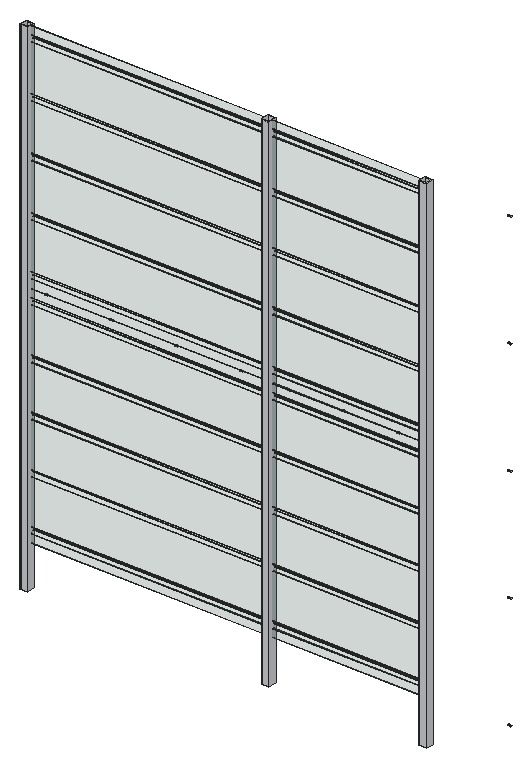
Revit family "Ограждение_Составное_Панель_3D_2400", category Специальное оборудование, Revit 2019 (continued)
Definition of nested family "В_Столб"
  Definition of nested family "В_Крепеж"
    Reference planes
      plane 3 "По центру (Влево/Вправо)": x = 0
      plane 4: z = 0
    Forms (mm)
      Extrusion 1, solid
        sketch origin (0, -3, 0) x (1, 0, 0) y (0, 1, 0)
          loop
            line (-20, 5.5) -> (-20, 0.5) -> (20, 0.5) -> (20, 5.5) -> (-20, 5.5)
        from -4.311 to 4.311
    Dimensions and locks
      locked: Extrusion 1 sketch curve to Extrusion 1 sketch curve at 5
      locked: Extrusion 1 sketch curve to Extrusion 1 sketch curve at 40
      aligned and locked: level to plane 2
    Nested families
      nested 1: "В_Метизы" at (20, 0, 0), Тип крепежа <- "Тип крепежа", ADSK_Комплект <- "ADSK_Комплект", visible <- "Видимость метизов", type "Метизы"
        with Тип крепежа 5, Путь к таблице "Таблица метизов", ADSK_Наименование "Комплект крепления СББ/ПББ к насадке (Болт М6х25 DIN 933 оц - 4 шт., Зажим для крепления струны/проволоки - 4 шт., Шайба D6 DIN 125 оц. - 8 шт.,  Гайка М6 кл.8.0 DIN 934 оц. - 4 шт.)", ADSK_Комплект "", ADSK_Количество 1, ADSK_Код изделия "8927"
      nested 2: "В_Метизы" at (-20, 0, 0), visible <- "Y насадка", Тип крепежа <- "Тип крепежа", ADSK_Комплект <- "ADSK_Комплект", type "Метизы"
        with Тип крепежа 5, Путь к таблице "Таблица метизов", ADSK_Наименование "Комплект крепления СББ/ПББ к насадке (Болт М6х25 DIN 933 оц - 4 шт., Зажим для крепления струны/проволоки - 4 шт., Шайба D6 DIN 125 оц. - 8 шт.,  Гайка М6 кл.8.0 DIN 934 оц. - 4 шт.)", ADSK_Комплект "", ADSK_Количество 1, ADSK_Код изделия "8927"
    Definition of nested family "В_Метизы"
      Parameters (values of type "Метизы")
        Тип крепежа [instance] = 1
        Путь к таблице [instance] = "Таблица метизов"  # constant formula
        Manufacturer = [ADSK_Завод-изготовитель]  # "FENSYS"
        URL = "https://www.fensys.ru/produkciya/krepyozh.html"
        ADSK_Наименование [instance] = size_lookup(Путь к таблице, "", "Не найдено", Тип крепежа)  # "Комплект метизов «В» для крепления скобы F24 (Винт М6х30 ISO 7380 А2 - 4 шт., Шайба D6 DIN 125 А2 - 4 шт.,Шайба 6 DIN 127 А2 - 4 шт.)"
        ADSK_Комплект [instance] = "Ограждение"
        ADSK_Количество [instance] = 1  # constant formula
        ADSK_Код изделия [instance] = size_lookup(Путь к таблице, "ADSK_Код изделия", "Не найдено", Тип крепежа)  # "8932"
        ADSK_Завод-изготовитель = "FENSYS"  # constant formula
        ADSK_Единица измерения = "шт."  # constant formula
      Reference planes
        plane 1 "По центру (Вперед/Назад)": y = 0
        plane 2: z = 0
        plane 3 "По центру (Влево/Вправо)": x = 0
        plane 4: z = 0
      Lines and regions (mm)
        reference lines
          curve 1: circle (0, 0, 0) r 0.299 normal (0, -1, 0)
        model lines
          curve 2: circle (0, 0, 0) r 0.3 normal (0, -1, 0)
      Dimensions and locks
        aligned and locked: level to plane 2
  Definition of nested family "В_Метизы"
    Parameters (values of type "Метизы")
      Тип крепежа [instance] = 1
      Путь к таблице [instance] = "Таблица метизов"  # constant formula
      Manufacturer = [ADSK_Завод-изготовитель]  # "FENSYS"
      URL = "https://www.fensys.ru/produkciya/krepyozh.html"
      ADSK_Наименование [instance] = size_lookup(Путь к таблице, "", "Не найдено", Тип крепежа)  # "Комплект метизов «В» для крепления скобы F24 (Винт М6х30 ISO 7380 А2 - 4 шт., Шайба D6 DIN 125 А2 - 4 шт.,Шайба 6 DIN 127 А2 - 4 шт.)"
      ADSK_Комплект [instance] = "Ограждение"
      ADSK_Количество [instance] = 1  # constant formula
      ADSK_Код изделия [instance] = size_lookup(Путь к таблице, "ADSK_Код изделия", "Не найдено", Тип крепежа)  # "8932"
      ADSK_Завод-изготовитель = "FENSYS"  # constant formula
      ADSK_Единица измерения = "шт."  # constant formula
    Reference planes
      plane 1 "По центру (Вперед/Назад)": y = 0
      plane 2: z = 0
      plane 3 "По центру (Влево/Вправо)": x = 0
      plane 4: z = 0
    Lines and regions (mm)
      reference lines
        curve 1: circle (0, 0, 0) r 0.299 normal (0, -1, 0)
      model lines
        curve 2: circle (0, 0, 0) r 0.3 normal (0, -1, 0)
    Dimensions and locks
      aligned and locked: level to plane 2
  Definition of nested family "Типовая аннотация"
    Parameters (values of type "Типовая аннотация")
      Ширина [instance] = 10 mm
      Высота [instance] = 10 mm
    Reference planes
      plane 1: y = 0
      plane 2: x = 0
    Lines and regions (mm)
      detail lines
        curve 1: line (-5, 5, 0) -> (5, 5, 0)
        curve 2: line (-5, -5, 0) -> (-5, 5, 0)
        curve 3: line (5, -5, 0) -> (-5, -5, 0)
        curve 4: line (5, 5, 0) -> (5, -5, 0)
      reference lines
        curve 5: line (-5, 0, 0) -> (5, 0, 0)
        curve 6: line (0, -5, 0) -> (0, 5, 0)
        curve 7: line (5, -5, 0) -> (5, 5, 0)
        curve 8: line (-5, -5, 0) -> (-5, 5, 0)
        curve 9: line (5, 5, 0) -> (-5, 5, 0)
        curve 10: line (5, -5, 0) -> (-5, -5, 0)
    Dimensions and locks
      "Высота": curve 9 to curve 10
      "Ширина": curve 8 to curve 7
      equal spacing: curve 10, plane 1, curve 9
      equal spacing: curve 8, curve 6, curve 7
      aligned and locked: plane 1 to curve 5
      aligned and locked: plane 2 to curve 6
      aligned and locked: curve 8 to curve 2
      aligned and locked: curve 1 to curve 9
      aligned and locked: curve 4 to curve 7
      aligned and locked: curve 3 to curve 10
Definition of nested family "В_Панель"
  Parameters (values of type "Панель")
    Толщина панели = 8 mm
    Тип крепежа [instance] = 0
    Таблица масса [instance] = "Панель масса"  # constant formula
    Расчетная длина [instance] = ADSK_Размер_Ширина + Отступ панели * 2  # 2600 mm
    Размер ячейки [instance] = 1
    Размер прутка [instance] = 2
    Таблица поиска = "Панель имя"  # constant formula
    Отступ панели от основания [instance] = 100 mm
    Отступ панели [instance] = 50 mm
    Manufacturer = [ADSK_Завод-изготовитель]  # "FENSYS"
    Высота дубляж [instance] = if(not(ADSK_Размер_Высота > 1530 mm), Высота V2, Высота V4)  # 1430 mm
    Высота V5 [instance] = if(V5, ADSK_Размер_Высота, 3030 mm)  # 3030 mm
    Высота V4 [instance] = if(V4, ADSK_Размер_Высота, 2830 mm)  # 2830 mm
    Высота V3 [instance] = if(V3, ADSK_Размер_Высота, 1930 mm)  # 1930 mm
    Высота V2 [instance] = if(V2, ADSK_Размер_Высота, 1430 mm)  # 1430 mm
    V5 [instance] = and(ADSK_Размер_Высота > 2830 mm, not(ADSK_Размер_Высота > 3030 mm))  # no
    V4 [instance] = and(ADSK_Размер_Высота > 1930 mm, not(ADSK_Размер_Высота > 2830 mm))  # no
    V3 [instance] = and(ADSK_Размер_Высота > 1430 mm, not(ADSK_Размер_Высота > 1930 mm))  # no
    V2 [instance] = not(ADSK_Размер_Высота > 1430 mm)  # yes
    URL = "https://www.fensys.ru/produkciya/3d-zabory.html"
    ADSK_Размер_Ширина [instance] = 2500 mm
    ADSK_Размер_Высота [instance] = 1430 mm
    ADSK_Примечание [instance] = ""
    ADSK_Обозначение [instance] = if(Размер ячейки = 1, "GUARD-G", if(Размер ячейки = 2, "GUARD-T", "GUARD"))  # "GUARD-G"
    ADSK_Наименование [instance] = size_lookup(Таблица поиска, "", "Панель под подрезку", ADSK_Размер_Ширина, ADSK_Размер_Высота, Размер ячейки, Размер прутка)  # "Панель 3D серии GUARD-T: HxW (высота х ширина) 1430x2505 (+-2) мм, пруток D=5 мм, ячейка = 50х150 мм, V-образных изгибов 2"
    ADSK_Материал = none
    ADSK_Масса [instance] = size_lookup(Таблица масса, "ADSK_Масса", 0, ADSK_Размер_Ширина, ADSK_Размер_Высота, Размер ячейки, Размер прутка)  # 15.6
    ADSK_Комплект [instance] = "Ограждение"
    ADSK_Код изделия [instance] = size_lookup(Таблица поиска, "ADSK_Код изделия", " ", ADSK_Размер_Ширина, ADSK_Размер_Высота, Размер ячейки, Размер прутка)  # "16850"
    ADSK_Завод-изготовитель = "FENSYS"  # constant formula
    ADSK_Единица измерения = "шт."  # constant formula
  Reference planes
    plane 1 "По центру (Вперед/Назад)": y = 0
    plane 2 "Низ панели": z = 0
    plane 3 "По центру (Влево/Вправо)": x = 0
    plane 4: x = 2550
    plane 5: x = 50
    plane 6 "Верх панели": z = 2930
    plane 7: x = 2600
    plane 8: z = 100
    plane 9: y = -4
    plane 10: y = 4
    plane 11: z = 1515.128
    plane 12: z = 250
    plane 13: z = 1430
    plane 14: z = 210
    plane 15: z = 290
    plane 16: z = 1470
    plane 17: z = 1390
    plane 18: y = 30
    plane 19: z = 1530
    plane 20: z = 250
    plane 21: z = 2780
    plane 22: z = 210
    plane 23: z = 290
    plane 24: z = 2820
    plane 25: z = 2740
    plane 26: y = 30
    plane 27: z = 1936.667
    plane 28: z = 1093.333
    plane 29: z = 1976.667
    plane 30: z = 1896.667
    plane 31: z = 1053.333
    plane 32: z = 1133.333
    plane 33: z = 250
    plane 34: z = 1880
    plane 35: z = 210
    plane 36: z = 290
    plane 37: z = 1920
    plane 38: z = 1840
    plane 39: y = 30
    plane 40: z = 1065
    plane 41: z = 1025
    plane 42: z = 1105
    plane 43 "По центру Л/Р": z = 2030
    plane 44: z = 250
    plane 45: z = 2980
    plane 46: z = 210
    plane 47: z = 290
    plane 48: z = 3020
    plane 49: z = 2940
    plane 50: y = 30
    plane 51: z = 2297.5
    plane 52: z = 932.5
    plane 53: z = 2337.5
    plane 54: z = 2257.5
    plane 55: z = 892.5
    plane 56: z = 972.5
    plane 57 "V5": z = 3130
    plane 58: z = 1615
    plane 59: z = 1575
    plane 60: z = 1655
    plane 61 "Высота для крепежа": z = 1530
  Forms (mm)
    Extrusion 1, solid, material <- "ADSK_Материал", visible <- "V2", detail levels medium+fine
      sketch origin (0, 0, 0) x (0, 1, 0) y (0, 0, 1)
        loop
          line (-4, 1530) -> (-4, 1470) -> (22, 1430) -> (-4, 1390) -> (-4, 290) -> (22, 250) -> (-4, 210) -> (-4, 100) -> (4, 100) -> (4, 210) -> (30, 250) -> (4, 290) -> (4, 1390) -> (30, 1430) -> (4, 1470) -> (4, 1530) -> (-4, 1530)
      from 50 to 2550
    Extrusion 2, solid, material <- "ADSK_Материал", visible <- "V4", detail levels medium+fine
      sketch origin (0, 0, 119.872) x (0, 1, 0) y (0, 0, 1)
        loop
          line (-4, 2810.128) -> (-4, 2700.128) -> (22, 2660.128) -> (-4, 2620.128) -> (-4, 1856.795) -> (22, 1816.795) -> (-4, 1776.795) -> (-4, 1013.462) -> (22, 973.462) -> (-4, 933.462) -> (-4, 170.128) -> (22, 130.128) -> (-4, 90.128) -> (-4, -19.872) -> (4, -19.872) -> (4, 90.128) -> (30, 130.128) -> (4, 170.128) -> (4, 933.462) -> (30, 973.462) -> (4, 1013.462) -> (4, 1776.795) -> (30, 1816.795) -> (4, 1856.795) -> (4, 2620.128) -> (30, 2660.128) -> (4, 2700.128) -> (4, 2810.128) -> (-4, 2810.128)
      from 50 to 2550
    Extrusion 3, solid, material <- "ADSK_Материал", visible <- "V3", detail levels medium+fine
      sketch origin (0, 0, 119.872) x (0, 1, 0) y (0, 0, 1)
        loop
          line (-4, 1910.128) -> (-4, 1800.128) -> (22, 1760.128) -> (-4, 1720.128) -> (-4, 985.128) -> (22, 945.128) -> (-4, 905.128) -> (-4, 170.128) -> (22, 130.128) -> (-4, 90.128) -> (-4, -19.872) -> (4, -19.872) -> (4, 90.128) -> (30, 130.128) -> (4, 170.128) -> (4, 905.128) -> (30, 945.128) -> (4, 985.128) -> (4, 1720.128) -> (30, 1760.128) -> (4, 1800.128) -> (4, 1910.128) -> (-4, 1910.128)
      from 50 to 2550
    Extrusion 4, solid, material <- "ADSK_Материал", visible <- "V5", detail levels medium+fine
      sketch origin (0, 0, 119.872) x (0, 1, 0) y (0, 0, 1)
        loop
          line (-4, 3010.128) -> (-4, 2900.128) -> (22, 2860.128) -> (-4, 2820.128) -> (-4, 2217.628) -> (22, 2177.628) -> (-4, 2137.628) -> (-4, 1535.128) -> (22, 1495.128) -> (-4, 1455.128) -> (-4, 852.628) -> (22, 812.628) -> (-4, 772.628) -> (-4, 170.128) -> (22, 130.128) -> (-4, 90.128) -> (-4, -19.872) -> (4, -19.872) -> (4, 90.128) -> (30, 130.128) -> (4, 170.128) -> (4, 772.628) -> (30, 812.628) -> (4, 852.628) -> (4, 1455.128) -> (30, 1495.128) -> (4, 1535.128) -> (4, 2137.628) -> (30, 2177.628) -> (4, 2217.628) -> (4, 2820.128) -> (30, 2860.128) -> (4, 2900.128) -> (4, 3010.128) -> (-4, 3010.128)
      from 50 to 2550
    Extrusion 5, solid, material <- "ADSK_Материал", detail levels coarse
      sketch origin (0, 0, 0) x (1, 0, 0) y (0, 1, 0)
        loop
          line (50, 4) -> (50, -4) -> (2550, -4) -> (2550, 4) -> (50, 4)
      from 100 to 1530
  Dimensions and locks
    "ADSK_Размер_Ширина": plane 5 to plane 4
    "Отступ панели": plane 4 to plane 7
    "Отступ панели": plane 3 "По центру (Влево/Вправо)" to plane 5
    "Расчетная длина": plane 3 "По центру (Влево/Вправо)" to plane 7
    "Отступ панели от основания": plane 8 to level
    equal spacing: plane 9, plane 1 "По центру (Вперед/Назад)", plane 10
    "Толщина панели": plane 10 to plane 9
    "Высота V4": plane 6 "Верх панели" to plane 8
    locked: plane 12 to plane 8 at 150
    locked: plane 12 to plane 14 at 40
    equal spacing: plane 15, plane 12, plane 14
    locked: plane 13 to plane 17 at 40
    equal spacing: plane 16, plane 13, plane 17
    locked: plane 1 "По центру (Вперед/Назад)" to plane 18 at 30
    locked: plane 19 to plane 13 at 100
    "Высота V2": plane 19 to plane 8
    locked: plane 20 to plane 22 at 40
    equal spacing: plane 23, plane 20, plane 22
    locked: plane 21 to plane 25 at 40
    equal spacing: plane 24, plane 21, plane 25
    equal spacing: plane 21, plane 27, plane 28, plane 20
    locked: plane 27 to plane 30 at 40
    locked: plane 32 to plane 28 at 40
    equal spacing: plane 29, plane 27, plane 30
    equal spacing: plane 32, plane 28, plane 31
    Extrusion 2 sketch curve to Extrusion 2 sketch curve = 8 mm  (x2)
    locked: plane 6 "Верх панели" to plane 21 at 150
    locked: plane 20 to plane 8 at 150
    locked: plane 33 to plane 35 at 40
    equal spacing: plane 36, plane 33, plane 35
    locked: plane 34 to plane 38 at 40
    equal spacing: plane 37, plane 34, plane 38
    equal spacing: plane 34, plane 40, plane 33
    locked: plane 42 to plane 40 at 40
    equal spacing: plane 42, plane 40, plane 41
    Extrusion 3 sketch curve to Extrusion 3 sketch curve = 8 mm
    plane 33 to plane 8 = 150 mm
    "Высота V3": plane 43 "По центру Л/Р" to plane 8
    locked: plane 43 "По центру Л/Р" to plane 34 at 150
    locked: plane 44 to plane 46 at 40
    equal spacing: plane 47, plane 44, plane 46
    locked: plane 45 to plane 49 at 40
    equal spacing: plane 48, plane 45, plane 49
    equal spacing: plane 45, plane 51, plane 58, plane 52, plane 44
    locked: plane 51 to plane 54 at 40
    locked: plane 56 to plane 52 at 40
    equal spacing: plane 53, plane 51, plane 54
    equal spacing: plane 56, plane 52, plane 55
    Extrusion 4 sketch curve to Extrusion 4 sketch curve = 8 mm  (x3)
    locked: plane 44 to plane 8 at 150
    locked: plane 57 "V5" to plane 45 at 150
    locked: plane 60 to plane 58 at 40
    equal spacing: plane 60, plane 58, plane 59
    "Высота V5": plane 57 "V5" to plane 8
    "ADSK_Размер_Высота": plane 61 "Высота для крепежа" to plane 8
    aligned and locked: level to plane 2 "Низ панели"
    aligned and locked: plane 16 to Extrusion 1 sketch curve  (x2)
    aligned and locked: plane 13 to Extrusion 1 sketch curve  (x2)
    aligned and locked: plane 18 to Extrusion 1 sketch curve
    aligned and locked: Extrusion 1 sketch curve to plane 18
    aligned and locked: plane 12 to Extrusion 1 sketch curve  (x2)
    aligned and locked: plane 15 to Extrusion 1 sketch curve  (x2)
    aligned and locked: plane 14 to Extrusion 1 sketch curve  (x2)
    aligned and locked: Extrusion 1 sketch curve to plane 9  (x2)
    aligned and locked: Extrusion 1 sketch curve to plane 10  (x3)
    aligned and locked: Extrusion 1 sketch curve to plane 8
    aligned and locked: plane 4 to Extrusion 1
    aligned and locked: Extrusion 1 to plane 5
    aligned and locked: plane 19 to Extrusion 1 sketch curve
    aligned and locked: plane 24 to Extrusion 2 sketch curve  (x2)
    aligned and locked: plane 21 to Extrusion 2 sketch curve  (x2)
    aligned and locked: plane 26 to Extrusion 2 sketch curve  (x3)
    aligned and locked: Extrusion 2 sketch curve to plane 26
    aligned and locked: plane 20 to Extrusion 2 sketch curve  (x2)
    aligned and locked: plane 23 to Extrusion 2 sketch curve  (x2)
    aligned and locked: plane 22 to Extrusion 2 sketch curve  (x2)
    aligned and locked: plane 31 to Extrusion 2 sketch curve  (x2)
    aligned and locked: plane 29 to Extrusion 2 sketch curve  (x2)
    aligned and locked: plane 27 to Extrusion 2 sketch curve  (x2)
    aligned and locked: plane 30 to Extrusion 2 sketch curve  (x2)
    aligned and locked: plane 28 to Extrusion 2 sketch curve  (x2)
    aligned and locked: plane 32 to Extrusion 2 sketch curve  (x2)
    aligned and locked: plane 37 to Extrusion 3 sketch curve  (x2)
    aligned and locked: plane 34 to Extrusion 3 sketch curve  (x2)
    aligned and locked: plane 39 to Extrusion 3 sketch curve
    aligned and locked: Extrusion 3 sketch curve to plane 39  (x2)
    aligned and locked: plane 33 to Extrusion 3 sketch curve  (x2)
    aligned and locked: plane 36 to Extrusion 3 sketch curve  (x2)
    aligned and locked: plane 35 to Extrusion 3 sketch curve  (x2)
    aligned and locked: plane 41 to Extrusion 3 sketch curve  (x2)
    aligned and locked: plane 40 to Extrusion 3 sketch curve  (x2)
    aligned and locked: plane 43 "По центру Л/Р" to Extrusion 3
    aligned and locked: plane 48 to Extrusion 4 sketch curve  (x2)
    aligned and locked: plane 45 to Extrusion 4 sketch curve  (x2)
    aligned and locked: plane 50 to Extrusion 4 sketch curve  (x4)
    aligned and locked: Extrusion 4 sketch curve to plane 50
    aligned and locked: plane 44 to Extrusion 4 sketch curve  (x2)
    aligned and locked: plane 47 to Extrusion 4 sketch curve  (x2)
    aligned and locked: plane 46 to Extrusion 4 sketch curve  (x2)
    aligned and locked: plane 55 to Extrusion 4 sketch curve  (x2)
    aligned and locked: plane 53 to Extrusion 4 sketch curve  (x2)
    aligned and locked: plane 51 to Extrusion 4 sketch curve  (x2)
    aligned and locked: plane 54 to Extrusion 4 sketch curve  (x2)
    aligned and locked: plane 52 to Extrusion 4 sketch curve  (x2)
    aligned and locked: plane 56 to Extrusion 4 sketch curve  (x2)
    aligned and locked: plane 57 "V5" to Extrusion 4  (x2)
    aligned and locked: plane 58 to Extrusion 4 sketch curve  (x2)
    aligned and locked: plane 59 to Extrusion 4 sketch curve  (x2)
    aligned and locked: plane 60 to Extrusion 4 sketch curve  (x2)
    aligned and locked: plane 4 to Extrusion 4
    aligned and locked: plane 4 to Extrusion 3
    aligned and locked: Extrusion 4 to plane 4  (x5)
    aligned and locked: plane 4 to Extrusion 2
    aligned and locked: Extrusion 4 to plane 5
    aligned and locked: Extrusion 3 to plane 5
    aligned and locked: Extrusion 2 to plane 5
    aligned and locked: plane 5 to Extrusion 4
    aligned and locked: Extrusion 5 sketch curve to plane 9
    aligned and locked: plane 10 to Extrusion 5 sketch curve
    aligned and locked: Extrusion 5 to plane 5
    aligned and locked: plane 4 to Extrusion 5
    aligned and locked: Extrusion 5 to plane 8
    aligned and locked: Extrusion 5 to plane 61 "Высота для крепежа"
  Automatic sketch dimensions
    Extrusion 1 sketch curve to plane 9 = 0 mm
    Extrusion 1 sketch curve to plane 17 = 0 mm  (x2)
    Extrusion 1 sketch curve to plane 18 = 8 mm
    Extrusion 1 sketch curve to Extrusion 1 sketch curve = 8 mm
    Extrusion 2 sketch curve to plane 6 "Верх панели" = 0 mm
    Extrusion 2 sketch curve to plane 9 = 0 mm  (x5)
    Extrusion 2 sketch curve to plane 8 = 0 mm
    Extrusion 2 sketch curve to plane 10 = 0 mm  (x5)
    Extrusion 2 sketch curve to plane 25 = 0 mm  (x2)
    Extrusion 2 sketch curve to Extrusion 2 sketch curve = 8 mm
    Extrusion 2 sketch curve to plane 26 = 8 mm
    Extrusion 3 sketch curve to plane 9 = 0 mm  (x4)
    Extrusion 3 sketch curve to plane 8 = 0 mm
    Extrusion 3 sketch curve to plane 10 = 0 mm  (x4)
    Extrusion 3 sketch curve to plane 42 = 0 mm  (x2)
    Extrusion 3 sketch curve to plane 38 = 0 mm  (x2)
    Extrusion 3 sketch curve to plane 43 "По центру Л/Р" = 0 mm
    Extrusion 3 sketch curve to plane 39 = 8 mm
    Extrusion 3 sketch curve to Extrusion 3 sketch curve = 8 mm
    plane 6 "Верх панели" to Extrusion 4 sketch curve = 200 mm
    Extrusion 4 sketch curve to plane 8 = 0 mm
    Extrusion 4 sketch curve to plane 49 = 0 mm  (x2)
    Extrusion 4 sketch curve to Extrusion 4 sketch curve = 8 mm  (x7)
    Extrusion 4 sketch curve to plane 50 = 26 mm  (x5)
    Extrusion 4 sketch curve to plane 50 = 8 mm
    Extrusion 4 sketch curve to plane 50 = 34 mm
    plane 5 to Extrusion 5 sketch curve = 0 mm
    Extrusion 5 sketch curve to Extrusion 5 sketch curve = 2500 mm
Definition of nested family "В_Крепеж"
  Parameters (values of type "Крепеж")
    Ширина столба [instance] = 0 mm
    Тип крепежа [instance] = 5
    Путь к таблице [instance] = "Таблица крепежей"  # constant formula
    Manufacturer = [ADSK_Завод-изготовитель]  # "FENSYS"
    Model = "Насадки"
    Видимость метизов [instance] = not(Тип крепежа = 5)  # no
    Y насадка [instance] = yes
    URL = "https://www.fensys.ru/produkciya/krepyozh.html"
    ADSK_Обозначение [instance] = "Крепеж"  # constant formula
    ADSK_Наименование [instance] = size_lookup(Путь к таблице, "", "Не найдено", Тип крепежа)  # "Комплект крепления СББ/ПББ к насадке (Болт М6х25 DIN 933 оц - 4 шт., Зажим для крепления струны/проволоки - 4 шт., Шайба D6 DIN 125 оц. - 8 шт.,  Гайка М6 кл.8.0 DIN 934 оц. - 4 шт.)"
    ADSK_Комплект [instance] = ""
    ADSK_Количество [instance] = 1  # constant formula
    ADSK_Код изделия [instance] = size_lookup(Путь к таблице, "ADSK_Код изделия", "Не найдено", Тип крепежа)  # "8927"
    ADSK_Завод-изготовитель = "FENSYS"  # constant formula
    ADSK_Единица измерения = "шт."  # constant formula
  Reference planes
    plane 1 "По центру (Вперед/Назад)": y = 0
    plane 2: z = 0
    plane 3 "По центру (Влево/Вправо)": x = 0
    plane 4: z = 0
  Forms (mm)
    Extrusion 1, solid
      sketch origin (0, -3, 0) x (1, 0, 0) y (0, 1, 0)
        loop
          line (-20, 5.5) -> (-20, 0.5) -> (20, 0.5) -> (20, 5.5) -> (-20, 5.5)
      from -4.311 to 4.311
  Dimensions and locks
    locked: Extrusion 1 sketch curve to Extrusion 1 sketch curve at 5
    locked: Extrusion 1 sketch curve to Extrusion 1 sketch curve at 40
    aligned and locked: level to plane 2
  Nested families
    nested 1: "В_Метизы" at (20, 0, 0), Тип крепежа <- "Тип крепежа", ADSK_Комплект <- "ADSK_Комплект", visible <- "Видимость метизов", type "Метизы"
      with Тип крепежа 5, Путь к таблице "Таблица метизов", ADSK_Наименование "Комплект крепления СББ/ПББ к насадке (Болт М6х25 DIN 933 оц - 4 шт., Зажим для крепления струны/проволоки - 4 шт., Шайба D6 DIN 125 оц. - 8 шт.,  Гайка М6 кл.8.0 DIN 934 оц. - 4 шт.)", ADSK_Комплект "", ADSK_Количество 1, ADSK_Код изделия "8927"
    nested 2: "В_Метизы" at (-20, 0, 0), visible <- "Y насадка", Тип крепежа <- "Тип крепежа", ADSK_Комплект <- "ADSK_Комплект", type "Метизы"
      with Тип крепежа 5, Путь к таблице "Таблица метизов", ADSK_Наименование "Комплект крепления СББ/ПББ к насадке (Болт М6х25 DIN 933 оц - 4 шт., Зажим для крепления струны/проволоки - 4 шт., Шайба D6 DIN 125 оц. - 8 шт.,  Гайка М6 кл.8.0 DIN 934 оц. - 4 шт.)", ADSK_Комплект "", ADSK_Количество 1, ADSK_Код изделия "8927"
  Definition of nested family "В_Метизы"
    Parameters (values of type "Метизы")
      Тип крепежа [instance] = 1
      Путь к таблице [instance] = "Таблица метизов"  # constant formula
      Manufacturer = [ADSK_Завод-изготовитель]  # "FENSYS"
      URL = "https://www.fensys.ru/produkciya/krepyozh.html"
      ADSK_Наименование [instance] = size_lookup(Путь к таблице, "", "Не найдено", Тип крепежа)  # "Комплект метизов «В» для крепления скобы F24 (Винт М6х30 ISO 7380 А2 - 4 шт., Шайба D6 DIN 125 А2 - 4 шт.,Шайба 6 DIN 127 А2 - 4 шт.)"
      ADSK_Комплект [instance] = "Ограждение"
      ADSK_Количество [instance] = 1  # constant formula
      ADSK_Код изделия [instance] = size_lookup(Путь к таблице, "ADSK_Код изделия", "Не найдено", Тип крепежа)  # "8932"
      ADSK_Завод-изготовитель = "FENSYS"  # constant formula
      ADSK_Единица измерения = "шт."  # constant formula
    Reference planes
      plane 1 "По центру (Вперед/Назад)": y = 0
      plane 2: z = 0
      plane 3 "По центру (Влево/Вправо)": x = 0
      plane 4: z = 0
    Lines and regions (mm)
      reference lines
        curve 1: circle (0, 0, 0) r 0.299 normal (0, -1, 0)
      model lines
        curve 2: circle (0, 0, 0) r 0.3 normal (0, -1, 0)
    Dimensions and locks
      aligned and locked: level to plane 2
Definition of nested family "В_Метизы"
  Parameters (values of type "Метизы")
    Тип крепежа [instance] = 1
    Путь к таблице [instance] = "Таблица метизов"  # constant formula
    Manufacturer = [ADSK_Завод-изготовитель]  # "FENSYS"
    URL = "https://www.fensys.ru/produkciya/krepyozh.html"
    ADSK_Наименование [instance] = size_lookup(Путь к таблице, "", "Не найдено", Тип крепежа)  # "Комплект метизов «В» для крепления скобы F24 (Винт М6х30 ISO 7380 А2 - 4 шт., Шайба D6 DIN 125 А2 - 4 шт.,Шайба 6 DIN 127 А2 - 4 шт.)"
    ADSK_Комплект [instance] = "Ограждение"
    ADSK_Количество [instance] = 1  # constant formula
    ADSK_Код изделия [instance] = size_lookup(Путь к таблице, "ADSK_Код изделия", "Не найдено", Тип крепежа)  # "8932"
    ADSK_Завод-изготовитель = "FENSYS"  # constant formula
    ADSK_Единица измерения = "шт."  # constant formula
  Reference planes
    plane 1 "По центру (Вперед/Назад)": y = 0
    plane 2: z = 0
    plane 3 "По центру (Влево/Вправо)": x = 0
    plane 4: z = 0
  Lines and regions (mm)
    reference lines
      curve 1: circle (0, 0, 0) r 0.299 normal (0, -1, 0)
    model lines
      curve 2: circle (0, 0, 0) r 0.3 normal (0, -1, 0)
  Dimensions and locks
    aligned and locked: level to plane 2
Definition of nested family "В_Крепеж_межпанельный"
  Parameters (values of type "В_Крепеж_межпанельный")
    Ширина столба [instance] = 100 mm
    Шаг столбов [instance] = 500 mm
    Тип крепежа [instance] = 1  # constant formula
    Ограничитель длины [instance] = if(not(Длина панели > 0 mm), 1 mm, Длина панели)  # 400 mm
    Длина панели [instance] = Шаг столбов - Ширина столба  # 400 mm
    Видимость одного крепежа [instance] = no
    Видимость массива [instance] = yes
    N межпанельно крепежа [instance] = if(not(Длина панели < 2500 mm), 4, if(and(Длина панели < 2500 mm, not(Длина панели < 1500 mm)), 3, 2))  # 2
    ADSK_Комплект [instance] = "Ограждение"
  Reference planes
    plane 1 "По центру (Вперед/Назад)": y = 0
    plane 2: z = 0
    plane 3 "По центру (Влево/Вправо)": x = 0
    plane 4: x = 200
    plane 5: x = -200
  Dimensions and locks
    "Ограничитель длины": plane 5 to plane 4
    equal spacing: plane 5, plane 3 "По центру (Влево/Вправо)", plane 4
    group 2 to group 1 = 100 mm
    group 1 to group 2 = 0 mm  (x2)
    locked: nested 3 to plane 4 at 250
    locked: plane 5 to nested 1 at 250
    aligned and locked: level to plane 2
    aligned and locked: plane 1 "По центру (Вперед/Назад)" to nested 1
    aligned and locked: plane 3 "По центру (Влево/Вправо)" to nested 5
    aligned and locked: plane 1 "По центру (Вперед/Назад)" to nested 5
  Nested families
    nested 1: "В_Крепеж" at (50, 0, 0), Тип крепежа <- "Тип крепежа", ADSK_Комплект <- "ADSK_Комплект", visible <- "Видимость массива", type "Крепеж"
      with Ширина столба 0 mm, Тип крепежа 1, Путь к таблице "Таблица крепежей", Видимость метизов yes, Y насадка no, ADSK_Обозначение "Крепеж", ADSK_Наименование "Скоба F24", ADSK_Комплект "Ограждение", ADSK_Количество 1, ADSK_Код изделия "15512K"
    nested 2: "В_Метизы" at (70, 0, 0), type "Метизы"
      with Тип крепежа 1, Путь к таблице "Таблица метизов", ADSK_Наименование "Комплект метизов «В» для крепления скобы F24 (Винт М6х30 ISO 7380 А2 - 4 шт., Шайба D6 DIN 125 А2 - 4 шт.,Шайба 6 DIN 127 А2 - 4 шт.)", ADSK_Комплект "Ограждение", ADSK_Количество 1, ADSK_Код изделия "8932"
    nested 3: "В_Крепеж" at (-50, 0, 0), Тип крепежа <- "Тип крепежа", ADSK_Комплект <- "ADSK_Комплект", visible <- "Видимость массива", type "Крепеж"
      with Ширина столба 0 mm, Тип крепежа 1, Путь к таблице "Таблица крепежей", Видимость метизов yes, Y насадка no, ADSK_Обозначение "Крепеж", ADSK_Наименование "Скоба F24", ADSK_Комплект "Ограждение", ADSK_Количество 1, ADSK_Код изделия "15512K"
    nested 4: "В_Метизы" at (-30, 0, 0), type "Метизы"
      with Тип крепежа 1, Путь к таблице "Таблица метизов", ADSK_Наименование "Комплект метизов «В» для крепления скобы F24 (Винт М6х30 ISO 7380 А2 - 4 шт., Шайба D6 DIN 125 А2 - 4 шт.,Шайба 6 DIN 127 А2 - 4 шт.)", ADSK_Комплект "Ограждение", ADSK_Количество 1, ADSK_Код изделия "8932"
    nested 5: "В_Крепеж" at (0, 0, 0), visible <- "Видимость одного крепежа", type "Крепеж"
      with Ширина столба 0 mm, Тип крепежа 1, Путь к таблице "Таблица крепежей", Видимость метизов yes, Y насадка yes, ADSK_Обозначение "Крепеж", ADSK_Наименование "Скоба F24", ADSK_Комплект "Ограждение", ADSK_Количество 1, ADSK_Код изделия "15512K"
    nested 6: "В_Метизы" at (20, 0, 0), type "Метизы"
      with Тип крепежа 1, Путь к таблице "Таблица метизов", ADSK_Наименование "Комплект метизов «В» для крепления скобы F24 (Винт М6х30 ISO 7380 А2 - 4 шт., Шайба D6 DIN 125 А2 - 4 шт.,Шайба 6 DIN 127 А2 - 4 шт.)", ADSK_Комплект "Ограждение", ADSK_Количество 1, ADSK_Код изделия "8932"
    nested 7: "В_Метизы" at (-20, 0, 0), type "Метизы"
      with Тип крепежа 1, Путь к таблице "Таблица метизов", ADSK_Наименование "Комплект метизов «В» для крепления скобы F24 (Винт М6х30 ISO 7380 А2 - 4 шт., Шайба D6 DIN 125 А2 - 4 шт.,Шайба 6 DIN 127 А2 - 4 шт.)", ADSK_Комплект "Ограждение", ADSK_Количество 1, ADSK_Код изделия "8932"
  Definition of nested family "В_Крепеж"
    Parameters (values of type "Крепеж")
      Ширина столба [instance] = 0 mm
      Тип крепежа [instance] = 5
      Путь к таблице [instance] = "Таблица крепежей"  # constant formula
      Manufacturer = [ADSK_Завод-изготовитель]  # "FENSYS"
      Model = "Насадки"
      Видимость метизов [instance] = not(Тип крепежа = 5)  # no
      Y насадка [instance] = yes
      URL = "https://www.fensys.ru/produkciya/krepyozh.html"
      ADSK_Обозначение [instance] = "Крепеж"  # constant formula
      ADSK_Наименование [instance] = size_lookup(Путь к таблице, "", "Не найдено", Тип крепежа)  # "Комплект крепления СББ/ПББ к насадке (Болт М6х25 DIN 933 оц - 4 шт., Зажим для крепления струны/проволоки - 4 шт., Шайба D6 DIN 125 оц. - 8 шт.,  Гайка М6 кл.8.0 DIN 934 оц. - 4 шт.)"
      ADSK_Комплект [instance] = ""
      ADSK_Количество [instance] = 1  # constant formula
      ADSK_Код изделия [instance] = size_lookup(Путь к таблице, "ADSK_Код изделия", "Не найдено", Тип крепежа)  # "8927"
      ADSK_Завод-изготовитель = "FENSYS"  # constant formula
      ADSK_Единица измерения = "шт."  # constant formula
    Reference planes
      plane 1 "По центру (Вперед/Назад)": y = 0
      plane 2: z = 0
      plane 3 "По центру (Влево/Вправо)": x = 0
      plane 4: z = 0
    Forms (mm)
      Extrusion 1, solid
        sketch origin (0, -3, 0) x (1, 0, 0) y (0, 1, 0)
          loop
            line (-20, 5.5) -> (-20, 0.5) -> (20, 0.5) -> (20, 5.5) -> (-20, 5.5)
        from -4.311 to 4.311
    Dimensions and locks
      locked: Extrusion 1 sketch curve to Extrusion 1 sketch curve at 5
      locked: Extrusion 1 sketch curve to Extrusion 1 sketch curve at 40
      aligned and locked: level to plane 2
    Nested families
      nested 1: "В_Метизы" at (20, 0, 0), Тип крепежа <- "Тип крепежа", ADSK_Комплект <- "ADSK_Комплект", visible <- "Видимость метизов", type "Метизы"
        with Тип крепежа 5, Путь к таблице "Таблица метизов", ADSK_Наименование "Комплект крепления СББ/ПББ к насадке (Болт М6х25 DIN 933 оц - 4 шт., Зажим для крепления струны/проволоки - 4 шт., Шайба D6 DIN 125 оц. - 8 шт.,  Гайка М6 кл.8.0 DIN 934 оц. - 4 шт.)", ADSK_Комплект "", ADSK_Количество 1, ADSK_Код изделия "8927"
      nested 2: "В_Метизы" at (-20, 0, 0), visible <- "Y насадка", Тип крепежа <- "Тип крепежа", ADSK_Комплект <- "ADSK_Комплект", type "Метизы"
        with Тип крепежа 5, Путь к таблице "Таблица метизов", ADSK_Наименование "Комплект крепления СББ/ПББ к насадке (Болт М6х25 DIN 933 оц - 4 шт., Зажим для крепления струны/проволоки - 4 шт., Шайба D6 DIN 125 оц. - 8 шт.,  Гайка М6 кл.8.0 DIN 934 оц. - 4 шт.)", ADSK_Комплект "", ADSK_Количество 1, ADSK_Код изделия "8927"
    Definition of nested family "В_Метизы"
      Parameters (values of type "Метизы")
        Тип крепежа [instance] = 1
        Путь к таблице [instance] = "Таблица метизов"  # constant formula
        Manufacturer = [ADSK_Завод-изготовитель]  # "FENSYS"
        URL = "https://www.fensys.ru/produkciya/krepyozh.html"
        ADSK_Наименование [instance] = size_lookup(Путь к таблице, "", "Не найдено", Тип крепежа)  # "Комплект метизов «В» для крепления скобы F24 (Винт М6х30 ISO 7380 А2 - 4 шт., Шайба D6 DIN 125 А2 - 4 шт.,Шайба 6 DIN 127 А2 - 4 шт.)"
        ADSK_Комплект [instance] = "Ограждение"
        ADSK_Количество [instance] = 1  # constant formula
        ADSK_Код изделия [instance] = size_lookup(Путь к таблице, "ADSK_Код изделия", "Не найдено", Тип крепежа)  # "8932"
        ADSK_Завод-изготовитель = "FENSYS"  # constant formula
        ADSK_Единица измерения = "шт."  # constant formula
      Reference planes
        plane 1 "По центру (Вперед/Назад)": y = 0
        plane 2: z = 0
        plane 3 "По центру (Влево/Вправо)": x = 0
        plane 4: z = 0
      Lines and regions (mm)
        reference lines
          curve 1: circle (0, 0, 0) r 0.299 normal (0, -1, 0)
        model lines
          curve 2: circle (0, 0, 0) r 0.3 normal (0, -1, 0)
      Dimensions and locks
        aligned and locked: level to plane 2
  Definition of nested family "В_Метизы"
    Parameters (values of type "Метизы")
      Тип крепежа [instance] = 1
      Путь к таблице [instance] = "Таблица метизов"  # constant formula
      Manufacturer = [ADSK_Завод-изготовитель]  # "FENSYS"
      URL = "https://www.fensys.ru/produkciya/krepyozh.html"
      ADSK_Наименование [instance] = size_lookup(Путь к таблице, "", "Не найдено", Тип крепежа)  # "Комплект метизов «В» для крепления скобы F24 (Винт М6х30 ISO 7380 А2 - 4 шт., Шайба D6 DIN 125 А2 - 4 шт.,Шайба 6 DIN 127 А2 - 4 шт.)"
      ADSK_Комплект [instance] = "Ограждение"
      ADSK_Количество [instance] = 1  # constant formula
      ADSK_Код изделия [instance] = size_lookup(Путь к таблице, "ADSK_Код изделия", "Не найдено", Тип крепежа)  # "8932"
      ADSK_Завод-изготовитель = "FENSYS"  # constant formula
      ADSK_Единица измерения = "шт."  # constant formula
    Reference planes
      plane 1 "По центру (Вперед/Назад)": y = 0
      plane 2: z = 0
      plane 3 "По центру (Влево/Вправо)": x = 0
      plane 4: z = 0
    Lines and regions (mm)
      reference lines
        curve 1: circle (0, 0, 0) r 0.299 normal (0, -1, 0)
      model lines
        curve 2: circle (0, 0, 0) r 0.3 normal (0, -1, 0)
    Dimensions and locks
      aligned and locked: level to plane 2
Types (10, lengths in mm): name | Ширина столба | Ширина резаной | Шаг столбов | Толщина стенки столба | С фланцем под В.О. | С фланцем | Шаг последнего столба | Показать средний столб | Под бетонирование | Отступ панели | built-in parameter 1001306 | Глубина столба | Высота столба | Высота панели | Высота нижней панели | Высота межпанельного крепежа | Ограничитель высоты | Высота забора | Высота верхней панели | Выбор типа основания | Видимость соединителей первой панели | Видимость массива соединителей последней панели | Видимость одного соединителя последней панели | Видимость массива столбов | Видимость соединителей массива | Видимость массива панелей | Видимость 1ой панели | N столбов в массиве | N панелей в массиве | N панелей | ADSK_Размер_Длина | ADSK_Наименование
  Панель 3000_Под винт_Столб 60х60 | 60 | 700 | 3060 | 2 | yes | no | 760 | no | no | 30 | 13000 | 60 | 5000 | 4960 | 2530 | 2570 | 5000 | 3000 | 2430 | 0 | no | no | yes | yes | yes | yes | no | 4 | 4 | 5 | 13000 | "Ограждение составное 3д - Панель 3000_Под винт_Столб 60х60"
  Панель 3000_Под бетон_Столб 80х80 | 80 | 1100 | 3080 | 2 | no | no | 1180 | no | yes | 40 | 13500 | 80 | 5000 | 4960 | 2530 | 2570 | 5000 | 3000 | 2430 | 1 | no | yes | no | yes | yes | yes | no | 4 | 4 | 5 | 13500 | "Ограждение составное 3д - Панель 3000_Под бетон_Столб 80х80"
  Панель 3000_Под бетон_Столб 60х60 | 60 | 1600 | 3060 | 2 | no | no | 1660 | no | yes | 30 | 13900 | 60 | 5000 | 4960 | 2530 | 2570 | 5000 | 3000 | 2430 | 1 | no | yes | no | yes | yes | yes | no | 4 | 4 | 5 | 13900 | "Ограждение составное 3д- Панель 3000_Под бетон_Столб 60х60"
  Панель 3000_Фланцевое крепление_Столб 80х80 | 80 | 280 | 3080 | 2 | no | yes | 360 | no | no | 40 | 9600 | 80 | 6000 | 5960 | 2930 | 2970 | 6000 | 9000 | 3030 | 2 | no | no | no | yes | yes | yes | no | 3 | 3 | 4 | 9600 | "Ограждение составное 3д - Панель 3000_Фланцевое крепление_Столб 80х80"
  Панель 3000_Фланцевое крепление_Столб 60х60 | 60 | 2500 | 3060 | 2 | no | yes | 2560 | no | no | 30 | 8680 | 60 | 5000 | 4960 | 2530 | 2570 | 5000 | 3000 | 2430 | 2 | no | yes | no | yes | yes | yes | no | 2 | 2 | 3 | 8680 | "Ограждение составное 3д - Панель 3000_Фланцевое крепление_Столб 60х60"
  Панель 3000_Под бетон_Столб 60х80 | 60 | 2760 | 3060 | 2 | no | no | 2820 | no | yes | 30 | 12000 | 80 | 5000 | 4960 | 2530 | 2570 | 5000 | 3000 | 2430 | 1 | no | yes | no | yes | yes | yes | no | 3 | 3 | 4 | 12000 | "Ограждение составное 3д - Панель 3000_Под бетон_Столб 60х80"
  Панель 3000_Под винт_Столб 60х80 | 60 | 2760 | 3060 | 2 | yes | no | 2820 | no | no | 30 | 12000 | 80 | 5000 | 4960 | 2530 | 2570 | 5000 | 3000 | 2430 | 0 | no | yes | no | yes | yes | yes | no | 3 | 3 | 4 | 12000 | "Ограждение составное 3д - Панель 3000_Под винт_Столб 60х80"
  Панель 3000_Фланцевое крепление_Столб 60х80 | 60 | 2760 | 3060 | 2 | no | yes | 2820 | no | no | 30 | 12000 | 80 | 5000 | 4960 | 2530 | 2570 | 5000 | 3000 | 2430 | 2 | no | yes | no | yes | yes | yes | no | 3 | 3 | 4 | 12000 | "Ограждение составное 3д - Панель 3000_Фланцевое крепление_Столб 60х80"
  Панель 3000_Под винт_Столб 80х80 | 80 | 2680 | 3080 | 2 | yes | no | 2760 | no | no | 40 | 12000 | 80 | 5000 | 4960 | 2530 | 2570 | 5000 | 3000 | 2430 | 0 | no | yes | no | yes | yes | yes | no | 3 | 3 | 4 | 12000 | "Ограждение составное 3д - Панель 3000_Под винт_Столб 80х80"
  Панель 3000_Под бетон_Столб 100х100 | 100 | 1920 | 3100 | 3 | no | no | 2020 | yes | yes | 50 | 5120 | 100 | 6000 | 5960 | 2930 | 2970 | 6000 | 6000 | 3030 | 1 | yes | yes | no | no | no | no | yes | 2 | 2 | 2 | 5120 | "Ограждение составное 3д - Панель 3000_Под бетон_Столб 100х100"
